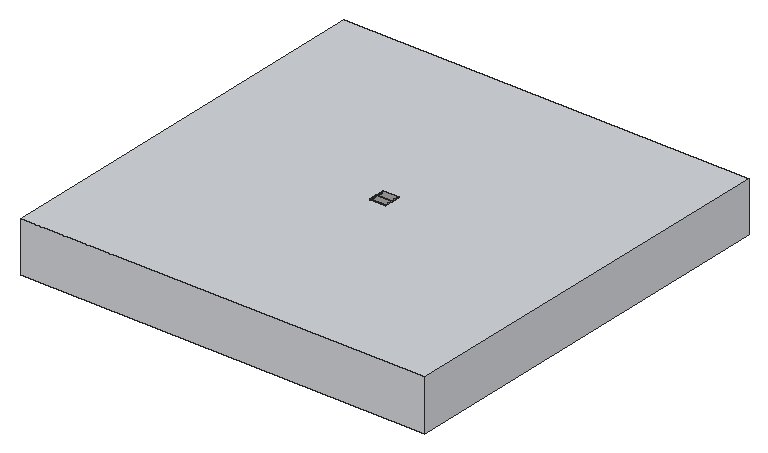
Revit family "Gira_5022219", category Elektroinstallationen, Revit 2017
Family settings
  Basisbauteil = Fläche
  Beschriftungsausrichtung beibehalten = Nein
  Bemaßung runder Anschluss = Durchmesser verwenden
  Teiletyp = Normal
  Beim Laden mit Abzugskörper schneiden = Nein
  Gemeinsam genutzt = Nein
  Raumberechnungspunkt = Nein
Parameters (values of type "Wippenset 2f Tastsens.4 TS4 Edelstahl")
  Werkstoffgüte = "Edelstahl"
  Werkstoff Text = "Metall"
  Default Elevation = 1219.2 mm
  URL = "https://www.gira.de/"
  Typname = "Wippenset 2f Tastsens.4 TS4 Edelstahl"
  Type Comments = ""
  Transparent = no
  Produktseite = "https://media.stage.bim.site/t/eyJhbGciOiJIUzI1NiIsInR5cCI6IkpXVCJ9.eyJjdCI6MiwidHUiOiJodHRwOi8va2F0YWxvZy5naXJhLmRlL2RlX0RFL2RhdGVuYmxhdHQuaHRtbD9hcnRpa2VsbnI9NTAyMjIxOSIsImNpZCI6IjMyNzdjYzIzLTgxYTktNGVlMy1hOTBhLWI0N2JiNGMwYjYxNiIsInJpZCI6IjZmM2YxMDI1ODhlMzU1YzliODQyZjMwMjYyNWUwYjJjIiwicGlkIjoiZDExMjM5MzI5Y2Q2MzU3ZGYwZmQ2ODk0NGZlZWFiMGNlYmNlNGQ4NiIsInNpZCI6IjYzNDcwIiwidXQiOjEsImxjIjoiZGUiLCJpYXQiOjE2MDA5NDUxMTAsImlzcyI6Imh0dHBzOi8vYXBpLmxpdmUuYmltLnNpdGUiLCJzdWIiOiJhZG1pbkBiaW1zaXRlLmRldiJ9.ElUKuwQQtAPq20-rDsqnrE1YF5zSHcU3UpHFhoBM6Eo"
  Model = ""
  Cost = 0
  Hersteller = "Gira"
  HeinzeBIM = "https://www.heinze.de/bim/wippenset-2f-tastsens-4-ts4-edelstahl/d11239329cd6357df0fd68944feeab0cebce4d86"
  HAN = "5022219"
  GTIN = "4010337072072"
  Funk bidirektional = no
  Farbe = "Edelstahl"
  Datenblatt 1 = "https://media.stage.bim.site/t/eyJhbGciOiJIUzI1NiIsInR5cCI6IkpXVCJ9.eyJjdCI6MSwidGYiOiJwdWJsaWMvZ2lyYS9hZThjNTU3LzUwMjIyMTkudHh0IiwiY2lkIjoiMzI3N2NjMjMtODFhOS00ZWUzLWE5MGEtYjQ3YmI0YzBiNjE2IiwicmlkIjoiNmYzZjEwMjU4OGUzNTVjOWI4NDJmMzAyNjI1ZTBiMmMiLCJwaWQiOiJkMTEyMzkzMjljZDYzNTdkZjBmZDY4OTQ0ZmVlYWIwY2ViY2U0ZDg2Iiwic2lkIjoiNjM0NzAiLCJ1dCI6MSwibGMiOiJkZSIsImlhdCI6MTYwMDk0NTExMCwiaXNzIjoiaHR0cHM6Ly9hcGkubGl2ZS5iaW0uc2l0ZSIsInN1YiI6ImFkbWluQGJpbXNpdGUuZGV2In0.FvfzGZDSzs312Js299LCtfyjLdP2S6M2BKHZOG6pIug/5022219.txt"
  Datenblatt = "https://media.stage.bim.site/t/eyJhbGciOiJIUzI1NiIsInR5cCI6IkpXVCJ9.eyJjdCI6MSwidHUiOiJodHRwczovL2thdGFsb2cuZ2lyYS5kZS9kZV9ERS9kb3dubG9hZC5odG1sP2FydGlrZWxucj01MDIyMjE5IiwiY2lkIjoiMzI3N2NjMjMtODFhOS00ZWUzLWE5MGEtYjQ3YmI0YzBiNjE2IiwicmlkIjoiNmYzZjEwMjU4OGUzNTVjOWI4NDJmMzAyNjI1ZTBiMmMiLCJwaWQiOiJkMTEyMzkzMjljZDYzNTdkZjBmZDY4OTQ0ZmVlYWIwY2ViY2U0ZDg2Iiwic2lkIjoiNjM0NzAiLCJ1dCI6MSwibGMiOiJkZSIsImlhdCI6MTYwMDk0NTExMCwiaXNzIjoiaHR0cHM6Ly9hcGkubGl2ZS5iaW0uc2l0ZSIsInN1YiI6ImFkbWluQGJpbXNpdGUuZGV2In0.XLgvftYv1sPEha4CehHM04_pedSRDigv5TRawfFjtL0"
  Bussystem Powernet = no
  Bussystem LON = no
  Bussystem KNX-Funk = no
  Bussystem KNX = yes
  Bussystem Funkbus = no
  Beschreibung = "Wippenset 2fach für Tastsensor 4  Edelstahl Hinweise :  Beschreibbare Wippensets können mit einer individuellen Beschriftung versehen werden. Die Bestellung wird über den Großhandel abgewickelt, der beim Bestellvorgang der Wippen angegeben wurde."
  Assembly Code = ""
  Keynote = ""
  BIMSITE_PRODUCT_ID = "d11239329cd6357df0fd68944feeab0cebce4d86"
  BIM = "https://media.stage.bim.site/t/eyJhbGciOiJIUzI1NiIsInR5cCI6IkpXVCJ9.eyJjdCI6MSwidGYiOiJwdWJsaWMvZ2lyYS9hZThjNTU3LzQwXzUwMjIwMCBUUzQgV2lwcGVuc2V0IDJmYWNoLnJmYSIsImNpZCI6IjMyNzdjYzIzLTgxYTktNGVlMy1hOTBhLWI0N2JiNGMwYjYxNiIsInJpZCI6IjZmM2YxMDI1ODhlMzU1YzliODQyZjMwMjYyNWUwYjJjIiwicGlkIjoiZDExMjM5MzI5Y2Q2MzU3ZGYwZmQ2ODk0NGZlZWFiMGNlYmNlNGQ4NiIsInNpZCI6IjYzNDcwIiwidXQiOjUsImxjIjoiZGUiLCJpYXQiOjE2MDA5NDUxMTAsImlzcyI6Imh0dHBzOi8vYXBpLmxpdmUuYmltLnNpdGUiLCJzdWIiOiJhZG1pbkBiaW1zaXRlLmRldiJ9.2_Ggh_FOF2Q5B6g4CoEU_C0KXYKzy0Yv8lemmoCaWKo/40_502200 TS4 Wippenset 2fach.rfa"
  Andere Bussysteme = "ohne"
Reference planes
  plane 1 "Center (Front/Back)": y = 0
  plane 2: z = 0
  plane 3 "Center (Left/Right)": x = 0
Forms (mm)
  Extrusion 1, solid
    sketch origin (0, 0, 0) x (1, 0, 0) y (0, 1, 0)
      loop
        line (-1219.2, 1219.2) -> (-1219.2, -1219.2) -> (1219.2, -1219.2) -> (1219.2, 1219.2) -> (-1219.2, 1219.2)
    from 0 to -304.8
Dimensions and locks
  aligned and locked: plane 2 to Extrusion 1
  aligned and locked: level to Extrusion 1
Nested families
  nested 1: "40_502100 TS4 Wippenset 2fach" at (0, 0, 0), type "40_502100 TS4 Wippenset 2fach"
Definition of nested family "40_502100 TS4 Wippenset 2fach"
  Parameters
    White = none
  Reference planes
    plane 1 "Center (Front/Back)": y = 0
    plane 2: z = 0
    plane 3 "Center (Left/Right)": x = 0
  Forms (mm)
    Extrusion 1, solid, material <- "White", detail levels fine
      sketch origin (0, 0, 0) x (1, 0, 0) y (0, 1, 0)
        loop
          arc (-46.5, 47.5) -> (-47.207, 47.207) -> (-47.5, 46.5) r 1
          line (-47.5, 46.5) -> (-47.5, 24.8) -> (-42.5, 24.8)
          arc (-42.5, 24.8) -> (-41.5, 23.8) -> (-42.5, 22.8) r 1
          line (-42.5, 22.8) -> (-47.5, 22.8) -> (-47.5, 1.15)
          arc (-47.5, 1.15) -> (-47.207, 0.443) -> (-46.5, 0.15) r 1
          line (-46.5, 0.15) -> (46.5, 0.15)
          arc (46.5, 0.15) -> (47.207, 0.443) -> (47.5, 1.15) r 1
          line (47.5, 1.15) -> (47.5, 22.8) -> (42.5, 22.8)
          arc (42.5, 22.8) -> (41.5, 23.8) -> (42.5, 24.8) r 1
          line (42.5, 24.8) -> (47.5, 24.8) -> (47.5, 46.5)
          arc (47.5, 46.5) -> (47.207, 47.207) -> (46.5, 47.5) r 1
          line (46.5, 47.5) -> (-46.5, 47.5)
        loop
          arc (46.5, -47.5) -> (47.207, -47.207) -> (47.5, -46.5) r 1
          line (47.5, -46.5) -> (47.5, -24.8) -> (42.5, -24.8)
          arc (42.5, -24.8) -> (41.5, -23.8) -> (42.5, -22.8) r 1
          line (42.5, -22.8) -> (47.5, -22.8) -> (47.5, -1.15)
          arc (47.5, -1.15) -> (47.207, -0.443) -> (46.5, -0.15) r 1
          line (46.5, -0.15) -> (-46.5, -0.15)
          arc (-46.5, -0.15) -> (-47.207, -0.443) -> (-47.5, -1.15) r 1
          line (-47.5, -1.15) -> (-47.5, -22.8) -> (-42.5, -22.8)
          arc (-42.5, -22.8) -> (-41.5, -23.8) -> (-42.5, -24.8) r 1
          line (-42.5, -24.8) -> (-47.5, -24.8) -> (-47.5, -46.5)
          arc (-47.5, -46.5) -> (-47.207, -47.207) -> (-46.5, -47.5) r 1
          line (-46.5, -47.5) -> (46.5, -47.5)
      from 0 to 3.1
    Extrusion 2, solid, material <- "White", detail levels fine
      sketch origin (0, 0, 0) x (1, 0, 0) y (0, 1, 0)
        loop
          line (43.976, 44.188) -> (-43.976, 44.188) -> (-43.976, 0.15) -> (43.976, 0.15) -> (43.976, 44.188)
        loop
          line (43.976, -44.188) -> (43.976, -0.15) -> (-43.976, -0.15) -> (-43.976, -44.188) -> (43.976, -44.188)
      from 0 to -1.5
    Extrusion 3, solid, detail levels fine
      sketch origin (0, 0, 0) x (1, 0, 0) y (0, 0, 1)
        loop
          arc (-1.639, -4) -> (-1.115, -3.694) -> (-1.122, -3.087) r 0.603
          arc (-1.122, -3.087) -> (-0.011, -1.666) -> (1.122, -3.087) r 1.145
          arc (1.122, -3.087) -> (1.115, -3.694) -> (1.639, -4) r 0.603
          line (1.639, -4) -> (2.5, -4) -> (3.5, -1.5) -> (-3.5, -1.5) -> (-2.5, -4) -> (-1.639, -4)
      from 41.985 to 44.199
    Extrusion 4, solid, detail levels fine
      sketch origin (0, 0, 0) x (1, 0, 0) y (0, 0, -1)
        loop
          line (-1.639, 4) -> (-2.5, 4) -> (-3.5, 1.5) -> (3.5, 1.5) -> (2.5, 4) -> (1.639, 4)
          arc (1.639, 4) -> (1.115, 3.694) -> (1.122, 3.087) r 0.603
          arc (1.122, 3.087) -> (-0.011, 1.666) -> (-1.122, 3.087) r 1.145
          arc (-1.122, 3.087) -> (-1.115, 3.694) -> (-1.639, 4) r 0.603
      from 41.985 to 44.199
    Extrusion 5, solid, material <- "White", detail levels medium
      sketch origin (0, 0, 0) x (1, 0, 0) y (0, 1, 0)
        loop
          line (43.976, 44.188) -> (-43.976, 44.188) -> (-43.976, 0.15) -> (43.976, 0.15) -> (43.976, 44.188)
        loop
          line (43.976, -44.188) -> (43.976, -0.15) -> (-43.976, -0.15) -> (-43.976, -44.188) -> (43.976, -44.188)
      from 0 to -4
    Extrusion 6, solid, material <- "White", detail levels medium
      sketch origin (0, 0, 0) x (1, 0, 0) y (0, 1, 0)
        loop
          line (-47.5, 47.5) -> (-47.5, 0.15) -> (47.5, 0.15) -> (47.5, 47.5) -> (-47.5, 47.5)
        loop
          line (47.5, -47.5) -> (47.5, -0.15) -> (-47.5, -0.15) -> (-47.5, -47.5) -> (47.5, -47.5)
      from 0 to 3.3
    Extrusion 7, solid, material <- "White", detail levels fine
      sketch origin (0, 0, 0) x (1, 0, 0) y (0, 1, 0)
        loop
          line (-43.976, 44.188) -> (-43.976, 40.908) -> (-42.655, 40.908) -> (-42.655, 44.188) -> (-43.976, 44.188)
        loop
          line (43.976, 44.188) -> (42.655, 44.188) -> (42.655, 40.908) -> (43.976, 40.908) -> (43.976, 44.188)
        loop
          line (-43.976, -44.188) -> (-42.655, -44.188) -> (-42.655, -40.908) -> (-43.976, -40.908) -> (-43.976, -44.188)
        loop
          line (43.976, -44.188) -> (43.976, -40.908) -> (42.655, -40.908) -> (42.655, -44.188) -> (43.976, -44.188)
      from 0 to -4
    Extrusion 8, solid, detail levels fine
      sketch origin (0, 0, 0) x (1, 0, 0) y (0, 1, 0)
        loop
          line (-47.5, 24.8) -> (-47.5, 22.8) -> (-42.5, 22.8)
          arc (-42.5, 22.8) -> (-41.5, 23.8) -> (-42.5, 24.8) r 1
          line (-42.5, 24.8) -> (-47.5, 24.8)
        loop
          line (47.5, 24.8) -> (42.5, 24.8)
          arc (42.5, 24.8) -> (41.5, 23.8) -> (42.5, 22.8) r 1
          line (42.5, 22.8) -> (47.5, 22.8) -> (47.5, 24.8)
        loop
          line (-47.5, -24.8) -> (-42.5, -24.8)
          arc (-42.5, -24.8) -> (-41.5, -23.8) -> (-42.5, -22.8) r 1
          line (-42.5, -22.8) -> (-47.5, -22.8) -> (-47.5, -24.8)
        loop
          line (47.5, -24.8) -> (47.5, -22.8) -> (42.5, -22.8)
          arc (42.5, -22.8) -> (41.5, -23.8) -> (42.5, -24.8) r 1
          line (42.5, -24.8) -> (47.5, -24.8)
      from 0 to 3.3
    Extrusion 9, solid, detail levels coarse
      sketch origin (0, 0, 0) x (1, 0, 0) y (0, 1, 0)
        loop
          line (-47.5, 47.5) -> (-47.5, -47.5) -> (47.5, -47.5) -> (47.5, 47.5) -> (-47.5, 47.5)
      from -4 to 3.3
    Extrusion 10, solid, material <- "White", detail levels fine
      sketch origin (0, 23.8, 0) x (1, 0, 0) y (0, 1, 0)
        loop
          line (-41.852, 6.181) -> (-43.976, 4.461) -> (-43.976, -4.461) -> (-41.852, -6.181)
          arc (-41.852, -6.181) -> (-38.884, -6.014) -> (-38.763, -3.043) r 2.212
          line (-38.763, -3.043) -> (-38.763, 3.043)
          arc (-38.763, 3.043) -> (-38.884, 6.014) -> (-41.852, 6.181) r 2.212
        loop
          arc (-39.415, 3.847) -> (-39.669, 5.38) -> (-41.223, 5.404) r 1.212
          line (-41.223, 5.404) -> (-42.938, 4.015) -> (-40.57, 1.883) -> (-39.415, 3.847)
        loop
          line (-39.415, -3.847) -> (-40.57, -1.883) -> (-42.938, -4.015) -> (-41.223, -5.404)
          arc (-41.223, -5.404) -> (-39.669, -5.38) -> (-39.415, -3.847) r 1.212
        loop
          arc (41.852, 6.181) -> (38.884, 6.014) -> (38.763, 3.043) r 2.212
          line (38.763, 3.043) -> (38.763, -3.043)
          arc (38.763, -3.043) -> (38.884, -6.014) -> (41.852, -6.181) r 2.212
          line (41.852, -6.181) -> (43.976, -4.461) -> (43.976, 4.461) -> (41.852, 6.181)
        loop
          line (39.415, 3.847) -> (40.57, 1.883) -> (42.938, 4.015) -> (41.223, 5.404)
          arc (41.223, 5.404) -> (39.669, 5.38) -> (39.415, 3.847) r 1.212
        loop
          arc (39.415, -3.847) -> (39.669, -5.38) -> (41.223, -5.404) r 1.212
          line (41.223, -5.404) -> (42.938, -4.015) -> (40.57, -1.883) -> (39.415, -3.847)
      from 0 to -3.6
    Extrusion 11, solid, detail levels fine
      sketch origin (0, -22.503, 0) x (1, 0, 0) y (0, 0, -1)
        loop
          line (-1.639, 4) -> (-2.5, 4) -> (-3.5, 1.5) -> (3.5, 1.5) -> (2.5, 4) -> (1.639, 4)
          arc (1.639, 4) -> (1.115, 3.694) -> (1.122, 3.087) r 0.603
          arc (1.122, 3.087) -> (-0.011, 1.666) -> (-1.122, 3.087) r 1.145
          arc (-1.122, 3.087) -> (-1.115, 3.694) -> (-1.639, 4) r 0.603
      from 28.117 to 25.903
    Extrusion 12, solid, material <- "White", detail levels fine
      sketch origin (0, -25, 0) x (1, 0, 0) y (0, 1, 0)
        loop
          line (-43.976, 21.601) -> (-43.976, 18.309) -> (-42.655, 18.309) -> (-42.655, 21.601) -> (-43.976, 21.601)
        loop
          line (43.976, 21.601) -> (42.655, 21.601) -> (42.655, 18.309) -> (43.976, 18.309) -> (43.976, 21.601)
        loop
          line (-43.976, -19.188) -> (-42.655, -19.188) -> (-42.655, -15.908) -> (-43.976, -15.908) -> (-43.976, -19.188)
        loop
          line (43.976, -19.188) -> (43.976, -15.908) -> (42.655, -15.908) -> (42.655, -19.188) -> (43.976, -19.188)
      from 0 to -4
    Extrusion 13, solid, material <- "White", detail levels fine
      sketch origin (0, -23.8, 0) x (1, 0, 0) y (0, 1, 0)
        loop
          arc (-41.852, -6.181) -> (-38.884, -6.014) -> (-38.763, -3.043) r 2.212
          line (-38.763, -3.043) -> (-38.763, 3.043)
          arc (-38.763, 3.043) -> (-38.884, 6.014) -> (-41.852, 6.181) r 2.212
          line (-41.852, 6.181) -> (-43.976, 4.461) -> (-43.976, -4.461) -> (-41.852, -6.181)
        loop
          line (-39.415, -3.847) -> (-40.57, -1.883) -> (-42.938, -4.015) -> (-41.223, -5.404)
          arc (-41.223, -5.404) -> (-39.669, -5.38) -> (-39.415, -3.847) r 1.212
        loop
          arc (-39.415, 3.847) -> (-39.669, 5.38) -> (-41.223, 5.404) r 1.212
          line (-41.223, 5.404) -> (-42.938, 4.015) -> (-40.57, 1.883) -> (-39.415, 3.847)
        loop
          line (41.852, -6.181) -> (43.976, -4.461) -> (43.976, 4.461) -> (41.852, 6.181)
          arc (41.852, 6.181) -> (38.884, 6.014) -> (38.763, 3.043) r 2.212
          line (38.763, 3.043) -> (38.763, -3.043)
          arc (38.763, -3.043) -> (38.884, -6.014) -> (41.852, -6.181) r 2.212
        loop
          arc (39.415, -3.847) -> (39.669, -5.38) -> (41.223, -5.404) r 1.212
          line (41.223, -5.404) -> (42.938, -4.015) -> (40.57, -1.883) -> (39.415, -3.847)
        loop
          line (39.415, 3.847) -> (40.57, 1.883) -> (42.938, 4.015) -> (41.223, 5.404)
          arc (41.223, 5.404) -> (39.669, 5.38) -> (39.415, 3.847) r 1.212
      from 0 to -3.6
    Extrusion 14, solid, detail levels fine
      sketch origin (0, 22.503, 0) x (1, 0, 0) y (0, 0, 1)
        loop
          arc (-1.639, -4) -> (-1.115, -3.694) -> (-1.122, -3.087) r 0.603
          arc (-1.122, -3.087) -> (-0.011, -1.666) -> (1.122, -3.087) r 1.145
          arc (1.122, -3.087) -> (1.115, -3.694) -> (1.639, -4) r 0.603
          line (1.639, -4) -> (2.5, -4) -> (3.5, -1.5) -> (-3.5, -1.5) -> (-2.5, -4) -> (-1.639, -4)
      from 28.117 to 25.903
    Extrusion 15, solid, material <- "White", detail levels fine
      sketch origin (0, 25, 0) x (1, 0, 0) y (0, 1, 0)
        loop
          line (-43.976, -21.601) -> (-42.655, -21.601) -> (-42.655, -18.309) -> (-43.976, -18.309) -> (-43.976, -21.601)
        loop
          line (43.976, -21.601) -> (43.976, -18.309) -> (42.655, -18.309) -> (42.655, -21.601) -> (43.976, -21.601)
        loop
          line (-43.976, 19.188) -> (-43.976, 15.908) -> (-42.655, 15.908) -> (-42.655, 19.188) -> (-43.976, 19.188)
        loop
          line (43.976, 19.188) -> (42.655, 19.188) -> (42.655, 15.908) -> (43.976, 15.908) -> (43.976, 19.188)
      from 0 to -4
  Cuts and joins
    joined: Extrusion 2, Extrusion 7, Extrusion 10
  Dimensions and locks
    aligned and locked: level to plane 2
